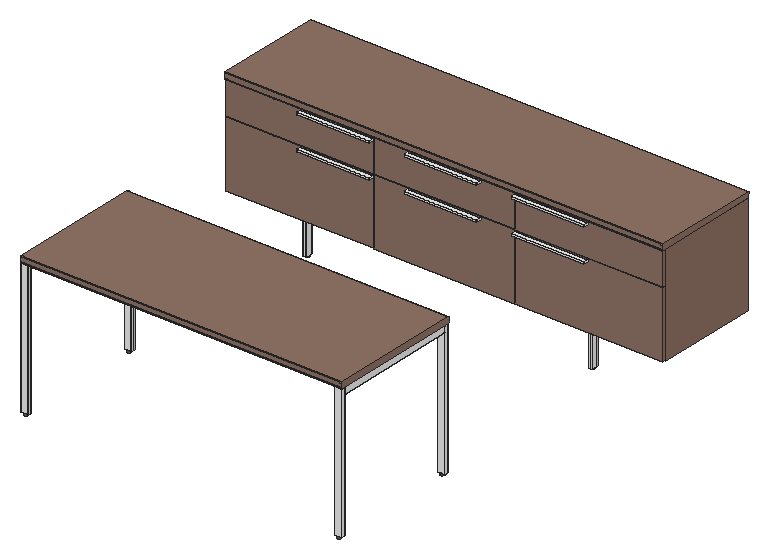
Revit family "FLV013", category Furniture, Revit 2015 (continued)
Definition of nested family "JSI-Flux- File_Strg_Crednz_Flsh_Leg"
  Automatic sketch dimensions
    plane 9 to curve 13 = 0' - 0"
    Extrusion 22 sketch curve to Extrusion 22 sketch curve = 0' - 6 11/16"
    Extrusion 24 sketch curve to Extrusion 24 sketch curve = 0' - 6 11/16"
    Extrusion 26 sketch curve to Extrusion 26 sketch curve = 1' - 6"
  Nested families (in)
    nested 1: "Bar Pull C_Long" at (-14.35519, -11.125, 27.48438), visible <- "L_Pull", Pull Finish <- "Pull Finish", Pull Lines <- "L_Pull", type "PL"
      with Pull Lines no, Pull Finish none
    nested 2: "Bar Pull C_Long" at (-14.35519, -11.125, 20.67188), visible <- "L_Pull", Pull Finish <- "Pull Finish", Pull Lines <- "L_Pull", type "PL"
      with Pull Lines no, Pull Finish none
    nested 3: "Bar Pull C_Long" at (8.69374, -11.125, 27.48438), visible <- "C_Pull", Pull Finish <- "Pull Finish", Pull Lines <- "C_Pull", type "PL"
      with Pull Lines no, Pull Finish none
    nested 4: "Bar Pull C_Long" at (8.69374, -11.125, 20.67188), visible <- "C_Pull", Pull Finish <- "Pull Finish", Pull Lines <- "C_Pull", type "PL"
      with Pull Lines no, Pull Finish none
    nested 5: "Bar Pull C_Long" at (31.74267, -11.125, 27.48438), visible <- "R_Pull", Pull Finish <- "Pull Finish", Pull Lines <- "R_Pull", type "PL"
      with Pull Lines no, Pull Finish none
    nested 6: "Bar Pull C_Long" at (31.74267, -11.125, 20.67188), visible <- "R_Pull", Pull Finish <- "Pull Finish", Pull Lines <- "R_Pull", type "PL"
      with Pull Lines no, Pull Finish none
    nested 7: "Label 1-16" at (11.93587, -11.25, 0), type "DRWCFG"
    nested 8: "LEGS" at (-19.99122, 10.6875, 0), LEGS <- "Legs", GLIDES <- "Glides", Width <- "Leg Width", Depth <- "Leg Depth", type "LG"
      with Width 5' - 3.85417", LG yes, LEGS none, GLIDES none, Depth 1' - 9 1/16"
  Definition of nested family "Bar Pull C_Long"
    Parameters
      Stud = Long Pull Width / 7  # 0' - 2.12261"
      Pull Lines [instance] = yes
      Long Pull Width = 1' - 2.85827"
      Pull Finish [instance] = none
    Reference planes (in)
      plane 1 "Center Front/Back": y = 0
      plane 2: z = 0
      plane 3 "Center Left/Right": x = 3.24213
      plane 4: y = -0.125
    Forms (in)
      Extrusion 1, solid, material <- "Pull Finish"
        sketch origin (0, 0, 0) x (1, 0, 0) y (0, 1, 0)
          loop
            line (-4.18701, 0) -> (-4.18701, -0.85113)
            arc (-4.18701, -0.85113) -> (-4.15955, -0.91742) -> (-4.09326, -0.94488) r 0.09375
            line (-4.09326, -0.94488) -> (10.59252, -0.94488)
            arc (10.59252, -0.94488) -> (10.6482, -0.92182) -> (10.67126, -0.86614) r 0.07874
            line (10.67126, -0.86614) -> (10.67126, 0) -> (8.54865, 0) -> (8.54865, -0.70177)
            arc (8.54865, -0.70177) -> (8.51204, -0.79016) -> (8.42365, -0.82677) r 0.125
            line (8.42365, -0.82677) -> (-1.9394, -0.82677)
            arc (-1.9394, -0.82677) -> (-2.02779, -0.79016) -> (-2.0644, -0.70177) r 0.125
            line (-2.0644, -0.70177) -> (-2.0644, 0) -> (-4.18701, 0)
        from -0.43307 to -0.11811
      Extrusion 2, solid, material <- "Pull Finish"
        sketch origin (0, 0, 0) x (1, 0, 0) y (0, 1, 0)
          loop
            line (-4.18701, 0) -> (-4.18701, -0.85113)
            arc (-4.18701, -0.85113) -> (-4.15955, -0.91742) -> (-4.09326, -0.94488) r 0.09375
            line (-4.09326, -0.94488) -> (10.59252, -0.94488)
            arc (10.59252, -0.94488) -> (10.6482, -0.92182) -> (10.67126, -0.86614) r 0.07874
            line (10.67126, -0.86614) -> (10.67126, 0) -> (-4.18701, 0)
        from 0 to -0.11811
    Cuts and joins
      joined: Extrusion 1, Extrusion 2
    Lines and regions (in)
      symbolic lines, visible <- "Pull Lines"
        curve 1: line (-4.18701, -0.125, 0) -> (-4.18701, -0.85113, 0)
        curve 2: line (-4.09326, -0.94488, 0) -> (10.59252, -0.94488, 0)
        curve 3: line (10.67126, -0.86614, 0) -> (10.67126, -0.125, 0)
        curve 4: arc (10.59252, -0.94488, 0) -> (10.6482, -0.92182, 0) -> (10.67126, -0.86614, 0) r 0.07874
        curve 5: arc (-4.18701, -0.85113, 0) -> (-4.15955, -0.91742, 0) -> (-4.09326, -0.94488, 0) r 0.09375
    Dimensions and locks (in)
      equal spacing: Extrusion 1 sketch curve, plane 3 "Center Left/Right", Extrusion 1 sketch curve
      "Stud": Extrusion 1 sketch curve to Extrusion 1 sketch curve  (x2)
      "Long Pull Width": Extrusion 1 sketch curve to Extrusion 1 sketch curve
      locked: plane 4 to plane 1 "Center Front/Back" at 0.125
      aligned and locked: level to plane 2
      aligned and locked: Extrusion 2 sketch curve to Extrusion 1  (x2)
      aligned and locked: cut or joined group of Extrusion 1, Extrusion 2 to curve 1
      aligned and locked: curve 4 to cut or joined group of Extrusion 1, Extrusion 2
      aligned and locked: curve 5 to cut or joined group of Extrusion 1, Extrusion 2
      aligned and locked: plane 4 to curve 1
      aligned and locked: plane 4 to curve 3
    Automatic sketch dimensions
      plane 1 "Center Front/Back" to Extrusion 2 sketch curve = 0' - 0"
      plane 1 "Center Front/Back" to Extrusion 1 sketch curve = 0' - 0"  (x2)
      Extrusion 1 sketch curve to Extrusion 1 sketch curve = 0' - 0 3/32"
      Extrusion 1 sketch curve to Extrusion 1 sketch curve = 0' - 0 1/8"  (x2)
      Extrusion 1 sketch curve to Extrusion 1 sketch curve = 0' - 0.07874"
      plane 4 to Extrusion 1 sketch curve = 0' - 0.57677"
      plane 4 to Extrusion 1 sketch curve = 0' - 0.72613"
  Definition of nested family "LEGS"
    Parameters
      Width [instance] = 2' - 6"
      LG [instance] = yes
      LEGS [instance] = none
      GLIDES [instance] = none
      Depth [instance] = 1' - 9 3/32"
    Reference planes (in)
      plane 1 "Center Front/Back": y = 0
      plane 2: z = 0
      plane 3 "Center Left/Right": x = 0
      plane 4: x = 30
      plane 5: y = -21.09375
      plane 6: x = 0.21441
      plane 7: x = 0.96441
      plane 8: x = 29.03125
      plane 9: x = 29.78125
      plane 10: z = 7.1875
      plane 11: y = -0.0625
      plane 12: y = -1.5625
      plane 13: y = -19.53125
      plane 14: y = -21.03125
      plane 15: y = -10.54687
      plane 16: x = 15
      plane 17: z = 0.30625
    Forms (in)
      Extrusion 1, solid, material <- "LEGS", visible <- "LG"
        sketch origin (0, 0, 0) x (1, 0, 0) y (0, 1, 0)
          loop
            arc (0.33941, -0.0625) -> (0.25102, -0.09911) -> (0.21441, -0.1875) r 0.125
            line (0.21441, -0.1875) -> (0.21441, -1.4375)
            arc (0.21441, -1.4375) -> (0.25102, -1.52589) -> (0.33941, -1.5625) r 0.125
            line (0.33941, -1.5625) -> (0.83941, -1.5625)
            arc (0.83941, -1.5625) -> (0.9278, -1.52589) -> (0.96441, -1.4375) r 0.125
            line (0.96441, -1.4375) -> (0.96441, -0.1875)
            arc (0.96441, -0.1875) -> (0.9278, -0.09911) -> (0.83941, -0.0625) r 0.125
            line (0.83941, -0.0625) -> (0.33941, -0.0625)
          loop
            arc (29.15625, -0.0625) -> (29.06786, -0.09911) -> (29.03125, -0.1875) r 0.125
            line (29.03125, -0.1875) -> (29.03125, -1.4375)
            arc (29.03125, -1.4375) -> (29.06786, -1.52589) -> (29.15625, -1.5625) r 0.125
            line (29.15625, -1.5625) -> (29.65625, -1.5625)
            arc (29.65625, -1.5625) -> (29.74464, -1.52589) -> (29.78125, -1.4375) r 0.125
            line (29.78125, -1.4375) -> (29.78125, -0.1875)
            arc (29.78125, -0.1875) -> (29.74464, -0.09911) -> (29.65625, -0.0625) r 0.125
            line (29.65625, -0.0625) -> (29.15625, -0.0625)
          loop
            arc (29.15625, -19.53125) -> (29.06786, -19.56786) -> (29.03125, -19.65625) r 0.125
            line (29.03125, -19.65625) -> (29.03125, -20.90625)
            arc (29.03125, -20.90625) -> (29.06786, -20.99464) -> (29.15625, -21.03125) r 0.125
            line (29.15625, -21.03125) -> (29.65625, -21.03125)
            arc (29.65625, -21.03125) -> (29.74464, -20.99464) -> (29.78125, -20.90625) r 0.125
            line (29.78125, -20.90625) -> (29.78125, -19.65625)
            arc (29.78125, -19.65625) -> (29.74464, -19.56786) -> (29.65625, -19.53125) r 0.125
            line (29.65625, -19.53125) -> (29.15625, -19.53125)
          loop
            arc (0.33941, -19.53125) -> (0.25102, -19.56786) -> (0.21441, -19.65625) r 0.125
            line (0.21441, -19.65625) -> (0.21441, -20.90625)
            arc (0.21441, -20.90625) -> (0.25102, -20.99464) -> (0.33941, -21.03125) r 0.125
            line (0.33941, -21.03125) -> (0.83941, -21.03125)
            arc (0.83941, -21.03125) -> (0.9278, -20.99464) -> (0.96441, -20.90625) r 0.125
            line (0.96441, -20.90625) -> (0.96441, -19.65625)
            arc (0.96441, -19.65625) -> (0.9278, -19.56786) -> (0.83941, -19.53125) r 0.125
            line (0.83941, -19.53125) -> (0.33941, -19.53125)
        from 0.30625 to 7.1875
      Extrusion 2, solid, material <- "LEGS", visible <- "LG"
        sketch origin (0, 0, 0) x (1, 0, 0) y (0, 0, 1)
          loop
            line (0.33941, 5.6875) -> (0.83941, 5.6875)
            arc (0.83941, 5.6875) -> (0.9278, 5.72411) -> (0.96441, 5.8125) r 0.125
            line (0.96441, 5.8125) -> (0.96441, 7.0625)
            arc (0.96441, 7.0625) -> (0.9278, 7.15089) -> (0.83941, 7.1875) r 0.125
            line (0.83941, 7.1875) -> (0.33941, 7.1875)
            arc (0.33941, 7.1875) -> (0.25102, 7.15089) -> (0.21441, 7.0625) r 0.125
            line (0.21441, 7.0625) -> (0.21441, 5.8125)
            arc (0.21441, 5.8125) -> (0.25102, 5.72411) -> (0.33941, 5.6875) r 0.125
          loop
            line (29.15625, 5.6875) -> (29.65625, 5.6875)
            arc (29.65625, 5.6875) -> (29.74464, 5.72411) -> (29.78125, 5.8125) r 0.125
            line (29.78125, 5.8125) -> (29.78125, 7.0625)
            arc (29.78125, 7.0625) -> (29.74464, 7.15089) -> (29.65625, 7.1875) r 0.125
            line (29.65625, 7.1875) -> (29.15625, 7.1875)
            arc (29.15625, 7.1875) -> (29.06786, 7.15089) -> (29.03125, 7.0625) r 0.125
            line (29.03125, 7.0625) -> (29.03125, 5.8125)
            arc (29.03125, 5.8125) -> (29.06786, 5.72411) -> (29.15625, 5.6875) r 0.125
        from 1.5625 to 19.53125
      Extrusion 3, solid, material <- "LEGS", visible <- "LG"
        sketch origin (0, 0, 0) x (0, 1, 0) y (0, 0, 1)
          loop
            line (-10.03125, 6.9375) -> (-11.0625, 6.9375)
            arc (-11.0625, 6.9375) -> (-11.15089, 6.90089) -> (-11.1875, 6.8125) r 0.125
            line (-11.1875, 6.8125) -> (-11.1875, 5.8125)
            arc (-11.1875, 5.8125) -> (-11.15089, 5.72411) -> (-11.0625, 5.6875) r 0.125
            line (-11.0625, 5.6875) -> (-10.03125, 5.6875)
            arc (-10.03125, 5.6875) -> (-9.94286, 5.72411) -> (-9.90625, 5.8125) r 0.125
            line (-9.90625, 5.8125) -> (-9.90625, 6.8125)
            arc (-9.90625, 6.8125) -> (-9.94286, 6.90089) -> (-10.03125, 6.9375) r 0.125
        from 0.96441 to 29.03125
      Extrusion 4, solid, material <- "GLIDES", visible <- "LG"
        sketch origin (0, 0, 0) x (1, 0, 0) y (0, 1, 0)
          loop
            circle (0.58941, -0.8125) r 0.375
          loop
            circle (0.58941, -20.25) r 0.375
          loop
            circle (29.41059, -0.8125) r 0.375
          loop
            circle (29.41059, -20.25) r 0.375
        from 0 to 0.30625
    Dimensions and locks (in)
      "Width": plane 3 "Center Left/Right" to plane 4
      "Depth": plane 1 "Center Front/Back" to plane 5
      plane 13 to plane 14 to plane 5 = 0' - 1 1/2" locked, 0' - 0 1/16" locked
      plane 1 "Center Front/Back" to plane 11 to plane 12 = 0' - 0 1/16" locked, 0' - 1 1/2" locked
      plane 3 "Center Left/Right" to plane 6 to plane 7 = 0' - 0.21441" locked, 0' - 0 3/4" locked
      plane 8 to plane 9 to plane 4 = 0' - 0 3/4" locked, 0' - 0 7/32" locked
      locked: plane 10 to Extrusion 2 sketch curve at 1.5  (x2)
      plane 10 to Extrusion 3 sketch curve to Extrusion 3 sketch curve = 0' - 0 1/4" locked, 0' - 1 1/4" locked
      equal spacing: plane 3 "Center Left/Right", plane 16, plane 4
      equal spacing: plane 5, plane 15, plane 1 "Center Front/Back"
      equal spacing: Extrusion 3 sketch curve, plane 15, Extrusion 3 sketch curve, locked at 0.64063 each
      locked: plane 13 to Extrusion 4 sketch curve at 0.71875  (x2)
      locked: Extrusion 4 sketch curve to plane 7 at 0.375  (x2)
      locked: Extrusion 4 sketch curve to plane 12 at 0.75  (x2)
      locked: plane 8 to Extrusion 4 sketch curve at 0.37934  (x2)
      plane 10 to plane 17 to plane 2 = 0' - 6.88125" locked, 0' - 0.30625" locked
      aligned and locked: level to plane 2
      aligned and locked: Extrusion 1 sketch curve to plane 11  (x2)
      aligned and locked: plane 6 to Extrusion 1 sketch curve
      aligned and locked: plane 12 to Extrusion 1 sketch curve  (x2)
      aligned and locked: Extrusion 1 sketch curve to plane 7  (x2)
      aligned and locked: plane 8 to Extrusion 1 sketch curve  (x2)
      aligned and locked: Extrusion 1 sketch curve to plane 9  (x2)
      aligned and locked: Extrusion 1 sketch curve to plane 13  (x2)
      aligned and locked: plane 14 to Extrusion 1 sketch curve  (x2)
      aligned and locked: Extrusion 2 sketch curve to plane 6
      aligned and locked: plane 7 to Extrusion 2 sketch curve
      aligned and locked: plane 10 to Extrusion 2 sketch curve  (x2)
      aligned and locked: Extrusion 2 sketch curve to plane 8
      aligned and locked: plane 9 to Extrusion 2 sketch curve
      aligned and locked: plane 10 to Extrusion 1
      aligned and locked: plane 12 to Extrusion 2
      aligned and locked: Extrusion 2 to plane 13
      aligned and locked: Extrusion 3 to plane 7
      aligned and locked: plane 8 to Extrusion 3
      aligned and locked: Extrusion 1 to plane 17
      aligned and locked: Extrusion 4 to level
      aligned and locked: plane 17 to Extrusion 4
    Automatic sketch dimensions
      Extrusion 1 sketch curve to plane 6 = 0' - 0"
      Extrusion 1 sketch curve to Extrusion 1 sketch curve = 0' - 0 1/8"  (x7)
      plane 6 to Extrusion 1 sketch curve = 0' - 0 1/8"  (x2)
      Extrusion 1 sketch curve to plane 7 = 0' - 0 1/8"  (x2)
      plane 8 to Extrusion 1 sketch curve = 0' - 0 1/8"  (x4)
      Extrusion 1 sketch curve to plane 9 = 0' - 0 1/8"
      plane 6 to Extrusion 2 sketch curve = 0' - 0 1/8"  (x2)
      Extrusion 2 sketch curve to plane 7 = 0' - 0 1/8"
      Extrusion 2 sketch curve to Extrusion 2 sketch curve = 0' - 0 1/8"  (x2)
      plane 8 to Extrusion 2 sketch curve = 0' - 0 1/8"  (x2)
      Extrusion 2 sketch curve to plane 9 = 0' - 0 1/8"
      Extrusion 3 sketch curve to Extrusion 3 sketch curve = 0' - 0 1/8"  (x3)
      Extrusion 3 sketch curve to Extrusion 3 sketch curve = 0' - 0"
      Extrusion 3 sketch curve to plane 15 = 0' - 0 41/64"
      radius of Extrusion 4 sketch curve = 0' - 0 3/8"  (x4)
  Definition of nested family "Label 1-16"
    Parameters
      Model Name = "LOW DOOR"
    Reference planes (in)
      plane 1: y = 0
      plane 2: x = 0
    Text (in)
      label "XX" at (0.00051, -0.12324, 0), shows "Model Name"
